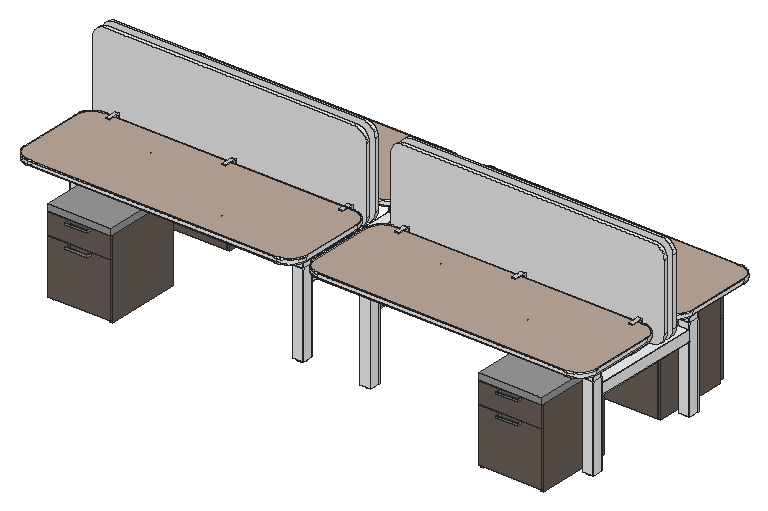
Revit family "T200098", category Furniture, Revit 2022 (continued)
Definition of nested family "OFS ELEMENT OPEN L DESK LEFT AND RIGHT 84in Width 60in Return"
  Forms (in)
    Extrusion 18, solid, material <- "Chassis Material", visible <- "Right Return Desk Option"
      sketch origin (0, 0, 0) x (-1, 0, 0) y (0, -1, 0)
        loop
          line (-42, 17.15625) -> (-20, 17.15625) -> (-20, 18.34375) -> (-40.8125, 18.34375) -> (-40.8125, 75.96875) -> (-20, 75.96875) -> (-20, 77.15625) -> (-42, 77.15625) -> (-42, 17.15625)
      from 0 to 40.5
    Extrusion 19, solid, material <- "Worksurface Material", visible <- "Right Return Desk Option"
      sketch origin (-14.83926, -32.43958, 0) x (-1, 0, 0) y (0, -1, 0)
        loop
          line (-55.65176, -14.09583) -> (-34.83926, -14.09583) -> (-34.83926, 43.52917) -> (-55.65176, 43.52917) -> (-55.65176, -14.09583)
      from 28.5 to 29.5
    Extrusion 20, solid, material <- "Paper Organizer Material", visible <- "Right Return Desk Option"
      sketch origin (0, 0, 0) x (-1, 0, 0) y (0, -1, 0)
        loop
          line (-28.0625, 19.09375) -> (-40.0625, 19.09375) -> (-40.0625, 75.21875) -> (-28.0625, 75.21875) -> (-28.0625, 75.96875) -> (-40.8125, 75.96875) -> (-40.8125, 18.34375) -> (-28.0625, 18.34375) -> (-28.0625, 19.09375)
      from 34.125 to 40.5
    Extrusion 21, solid, material <- "Paper Organizer Material", visible <- "Right Return Desk Option"
      sketch origin (0, 0, 0) x (-1, 0, 0) y (0, -1, 0)
        loop
          line (-40.8125, 18.34375) -> (-28.0625, 18.34375) -> (-28.0625, 75.96875) -> (-40.8125, 75.96875) -> (-40.8125, 18.34375)
      from 39.75 to 40.5
    Extrusion 22, solid, material <- "Paper Organizer Material", visible <- "Right Return Desk Option"
      sketch origin (0, 0, 0) x (-1, 0, 0) y (0, -1, 0)
        loop
          line (-40.8125, 18.34375) -> (-28.0625, 18.34375) -> (-28.0625, 75.96875) -> (-40.8125, 75.96875) -> (-40.8125, 18.34375)
      from 34.125 to 34.875
    Extrusion 23, solid, material <- "Paper Organizer Material", visible <- "Right Return Desk Option"
      sketch origin (0, 0, 0) x (-1, 0, 0) y (0, -1, 0)
        loop
          line (-40.0625, 32.625) -> (-28.8125, 32.625) -> (-28.8125, 32.875) -> (-40.0625, 32.875) -> (-40.0625, 32.625)
      from 34.875 to 39.75
    Extrusion 24, solid, material <- "Paper Organizer Material", visible <- "Right Return Desk Option"
      sketch origin (0, -11.40625, 0) x (-1, 0, 0) y (0, -1, 0)
        loop
          line (-40.0625, 35.625) -> (-28.8125, 35.625) -> (-28.8125, 35.875) -> (-40.0625, 35.875) -> (-40.0625, 35.625)
      from 34.875 to 39.75
    Extrusion 25, solid, material <- "Paper Organizer Material", visible <- "Right Return Desk Option"
      sketch origin (0, -22.8125, 0) x (-1, 0, 0) y (0, -1, 0)
        loop
          line (-40.0625, 38.625) -> (-28.8125, 38.625) -> (-28.8125, 38.875) -> (-40.0625, 38.875) -> (-40.0625, 38.625)
      from 34.875 to 39.75
    Extrusion 26, solid, material <- "Worksurface Material", visible <- "Right Return Desk Option"
      sketch origin (0, 0, 0) x (-1, 0, 0) y (0, -1, 0)
        loop
          line (-36, -11.65625) -> (40.8125, -11.65625) -> (40.8125, 17.15625) -> (-42, 17.15625) -> (-42, -5.65625)
          arc (-42, -5.65625) -> (-40.24264, -9.89889) -> (-36, -11.65625) r 6
      from 28.5 to 29.5
    Extrusion 27, solid, material <- "Chassis Material", visible <- "Right Return Desk Option"
      sketch origin (0, 0, 0) x (-1, 0, 0) y (0, -1, 0)
        loop
          line (42, -12.84375) -> (42, 17.15625) -> (40.8125, 17.15625) -> (40.8125, -11.65625) -> (0, -11.65625) -> (0, -12.84375) -> (42, -12.84375)
      from 0 to 40.5
    Extrusion 28, solid, material <- "Transaction Shelf Material", visible <- "Right Return Desk Option"
      sketch origin (0, 0, 6) x (-1, 0, 0) y (0, -1, 0)
        loop
          line (0, -17.15625) -> (42, -17.15625) -> (42, -3.65625) -> (0, -3.65625) -> (0, -17.15625)
      from 37.875 to 39
    Extrusion 29, solid, material <- "Standoffs Material", visible <- "Right Return Desk Option"
      sketch origin (-44.5, 0, 0) x (-1, 0, 0) y (0, -1, 0)
        loop
          circle (-41.875, -10.04085) r 0.625
      from 40.5 to 43.875
    Extrusion 30, solid, material <- "Standoffs Material", visible <- "Right Return Desk Option"
      sketch origin (-44.5, -4.75, 0) x (-1, 0, 0) y (0, -1, 0)
        loop
          circle (-41.875, -10.04085) r 0.625
      from 40.5 to 43.875
    Extrusion 31, solid, material <- "Standoffs Material", visible <- "Right Return Desk Option"
      sketch origin (-66.75, 0, 0) x (-1, 0, 0) y (0, -1, 0)
        loop
          circle (-27.375, -10.04085) r 0.625
      from 40.5 to 43.875
    Extrusion 32, solid, material <- "Standoffs Material", visible <- "Right Return Desk Option"
      sketch origin (-66.75, -4.75, 0) x (-1, 0, 0) y (0, -1, 0)
        loop
          circle (-27.375, -10.04085) r 0.625
      from 40.5 to 43.875
    Extrusion 33, solid, material <- "Chassis Material", visible <- "Right Return Desk Option"
      sketch origin (18.5848, -3.95032, 0) x (-1, 0, 0) y (0, -1, 0)
        loop
          line (19.7723, -15.60657) -> (19.7723, -3.95032) -> (18.5848, -3.95032) -> (18.5848, -15.60657) -> (19.7723, -15.60657)
      from 0 to 28.5
    Extrusion 34, solid, material <- "Chassis Material", visible <- "Right Return Desk Option"
      sketch origin (0, 0, 6) x (-1, 0, 0) y (0, -1, 0)
        loop
          line (0, -11.65625) -> (40.8125, -11.65625) -> (40.8125, -3.65625) -> (0, -3.65625) -> (0, -11.65625)
      from 33.375 to 34.5
    Extrusion 35, solid, material <- "Desk Overlay Material", visible <- "Right Desk Ovelay"
      sketch origin (0, 0, 0) x (-1, 0, 0) y (0, 0, -1)
        loop
          line (35.5, -34) -> (35.5, -6.5) -> (6.5, -6.5) -> (6.5, -34) -> (35.5, -34)
      from -12.96875 to -12.84375
    Extrusion 36, solid, material <- "Worksurface Material", visible <- "Left Return Desk Option"
      sketch origin (0, 0, 0) x (1, 0, 0) y (0, 1, 0)
        loop
          arc (-36, 11.65625) -> (-40.24264, 9.89889) -> (-42, 5.65625) r 6
          line (-42, 5.65625) -> (-42, -17.15625) -> (40.8125, -17.15625) -> (40.8125, 11.65625) -> (-36, 11.65625)
      from 28.5 to 29.5
  Cuts and joins
    joined: Extrusion 12, Extrusion 13, Extrusion 14
    joined: Extrusion 20, Extrusion 21, Extrusion 22
  Dimensions and locks (in)
    equal spacing: plane 7 "Left External", plane 3 "Center Left/Right", plane 5 "Right External"
    "Width": plane 7 "Left External" to plane 5 "Right External"
    equal spacing: plane 6 "Front External", plane 1 "Center Front/Back", plane 4 "Back External"
    "Desk Depth": plane 4 "Back External" to plane 6 "Front External"
    plane 8 "Seat Height" to level = 29 1/2"
    "Height": plane 9 "Height" to level
    "Lateral Board Thickness": plane 7 "Left External" to plane 11
    "Lateral Board Thickness": plane 10 to plane 5 "Right External"
    "Base Depth": plane 12 to plane 6 "Front External"
    "Back Board Thickness": plane 12 to plane 13
    "Table Depth": plane 4 "Back External" to plane 14
    plane 15 to level = 40 1/2"
    "Bottom Board Offset": plane 19 to level
    "Table Supp from Lateral": plane 5 "Right External" to plane 20
    "Table Supp from Lateral": plane 21 to plane 3 "Center Left/Right"
    "Desk Overlay": plane 5 "Right External" to plane 22
    "Desk Overlay": plane 24 to plane 15
    "Desk Overlay": plane 19 to plane 23
    "Desk Overlay Thickness": plane 25 to plane 12
    "Depth": plane 4 "Back External" to plane 26
    "Return Worksurface Width": plane 7 "Left External" to plane 27
    "Return Worksurface Width": plane 28 to plane 5 "Right External"
    "Back Board Thickness": plane 29 to plane 26
    plane 7 "Left External" to plane 30 = 5"
    plane 31 to plane 5 "Right External" = 5"
    equal spacing: plane 34, plane 43, plane 32, plane 42, plane 29
    "Desk Overlay": plane 33 to plane 3 "Center Left/Right"
    "Back Board Thickness": plane 6 "Front External" to plane 34
    "Paper Organizer Board Thickness": plane 34 to plane 37
    "Paper Organizer Board Thickness": plane 11 to plane 36
    "Paper Organizer Board Thickness": plane 35 to plane 29
    "Paper Organizer Depth": plane 11 to plane 38
    "Paper Organizer Clearance": plane 39 to plane 8 "Seat Height"
    "Paper Organizer Board Thickness": plane 15 to plane 40
    "Paper Organizer Board Thickness": plane 41 to plane 39
    "Paper Organizer Board Thickness": plane 44 to plane 38
    "Return Worksurface Width": plane 5 "Right External" to plane 45
    plane 29 to plane 26 = 1 3/16"
    plane 5 "Right External" to plane 46 = 5"
    plane 34 to plane 50 to plane 32 to plane 49 to plane 29 = 14 13/32", 14 13/32", 14 13/32", 14 13/32"
    "Paper Organizer Board Thickness": plane 34 to plane 47
    plane 35 to plane 29 = 3/4"
    "Paper Organizer Depth": plane 10 to plane 48
    "Paper Organizer Board Thickness": plane 51 to plane 48
    "Table Supp from Lateral": plane 53 to plane 3 "Center Left/Right"
    "Table Supp from Lateral": plane 7 "Left External" to plane 52
    locked: plane 7 "Left External" to plane 54 at 6.5
    aligned and locked: level to plane 2
    aligned and locked: Extrusion 1 sketch curve to plane 12
    aligned and locked: plane 5 "Right External" to Extrusion 1 sketch curve
    aligned and locked: Extrusion 1 sketch curve to plane 13
    aligned and locked: Extrusion 1 to plane 19
    aligned and locked: Extrusion 2 to plane 18
    aligned and locked: plane 10 to Extrusion 2
    aligned and locked: Extrusion 2 to plane 13
    aligned and locked: Extrusion 2 to plane 14
    aligned and locked: Extrusion 3 to plane 14
    aligned and locked: Extrusion 3 to plane 4 "Back External"
    aligned and locked: Extrusion 3 to plane 9 "Height"
    aligned and locked: Extrusion 3 to plane 17
    aligned and locked: plane 5 "Right External" to Extrusion 3
    aligned and locked: Extrusion 8 sketch curve to plane 29
    aligned and locked: plane 27 to Extrusion 8 sketch curve
    aligned and locked: plane 26 to Extrusion 8 sketch curve
    aligned and locked: Extrusion 8 sketch curve to plane 6 "Front External"
    aligned and locked: plane 11 to Extrusion 9
    aligned and locked: Extrusion 9 to plane 27
    aligned and locked: Extrusion 9 to plane 29
    aligned and locked: Extrusion 8 to plane 19
    aligned and locked: plane 15 to Extrusion 8
    aligned and locked: Extrusion 3 to plane 3 "Center Left/Right"
    aligned and locked: Extrusion 2 to plane 3 "Center Left/Right"
    aligned and locked: Extrusion 10 to plane 33
    aligned and locked: Extrusion 10 to plane 22
    aligned and locked: Extrusion 8 sketch curve to plane 34
    aligned and locked: Extrusion 9 to Extrusion 8 sketch curve
    aligned and locked: Extrusion 9 to Extrusion 8
    aligned and locked: plane 37 to Extrusion 12 sketch curve
    aligned and locked: plane 36 to Extrusion 12 sketch curve
    aligned and locked: Extrusion 12 sketch curve to plane 35
    aligned and locked: Extrusion 12 sketch curve to Extrusion 8  (x3)
    aligned and locked: plane 38 to Extrusion 12 sketch curve  (x2)
    aligned and locked: plane 15 to Extrusion 12
    aligned and locked: Extrusion 12 to plane 39
    aligned and locked: Extrusion 13 sketch curve to Extrusion 8  (x2)
    aligned and locked: Extrusion 13 sketch curve to Extrusion 12  (x2)
    aligned and locked: Extrusion 13 to plane 40
    aligned and locked: plane 15 to Extrusion 13
    aligned and locked: Extrusion 14 sketch curve to Extrusion 8  (x2)
    aligned and locked: plane 29 to Extrusion 14 sketch curve
    aligned and locked: Extrusion 14 sketch curve to plane 38
    aligned and locked: Extrusion 14 to plane 39
    aligned and locked: plane 41 to Extrusion 14
    aligned and locked: Extrusion 15 to plane 41
    aligned and locked: Extrusion 16 to plane 41
    aligned and locked: Extrusion 17 to plane 41
    aligned and locked: plane 40 to Extrusion 15
    aligned and locked: plane 40 to Extrusion 16
    aligned and locked: plane 40 to Extrusion 17
    aligned and locked: plane 29 to Extrusion 18 sketch curve
    aligned and locked: plane 45 to Extrusion 18 sketch curve
    aligned and locked: Extrusion 18 sketch curve to plane 26
    aligned and locked: plane 45 to Extrusion 19
    aligned and locked: plane 29 to Extrusion 19
    aligned and locked: Extrusion 18 sketch curve to plane 34
    aligned and locked: Extrusion 19 to Extrusion 18 sketch curve
    aligned and locked: Extrusion 18 to Extrusion 19
    aligned and locked: Extrusion 20 sketch curve to plane 47
    aligned and locked: plane 35 to Extrusion 20 sketch curve
    aligned and locked: Extrusion 18 to Extrusion 20 sketch curve
    aligned and locked: Extrusion 20 sketch curve to Extrusion 18  (x2)
    aligned and locked: Extrusion 20 sketch curve to plane 48
    aligned and locked: plane 48 to Extrusion 20 sketch curve
    aligned and locked: Extrusion 21 sketch curve to Extrusion 18  (x2)
    aligned and locked: Extrusion 21 sketch curve to Extrusion 20  (x2)
    aligned and locked: Extrusion 22 sketch curve to Extrusion 18  (x2)
    aligned and locked: Extrusion 22 sketch curve to plane 29
    aligned and locked: plane 48 to Extrusion 22 sketch curve
    aligned and locked: Extrusion 26 to Extrusion 27 sketch curve
    aligned and locked: Extrusion 27 sketch curve to Extrusion 26
    aligned and locked: Extrusion 26 to Extrusion 33
    aligned and locked: plane 55 to Extrusion 35
    aligned and locked: plane 54 to Extrusion 35
  Automatic sketch dimensions
    Extrusion 1 sketch curve to plane 3 "Center Left/Right" = 0"
    plane 6 "Front External" to Extrusion 1 sketch curve = 0"
    Extrusion 1 sketch curve to plane 10 = 0"
    Extrusion 2 sketch curve to plane 3 "Center Left/Right" = 0"
    Extrusion 2 sketch curve to plane 10 = 0"
    Extrusion 2 sketch curve to plane 14 = 0"
    Extrusion 2 sketch curve to plane 13 = 0"
    Extrusion 3 sketch curve to plane 3 "Center Left/Right" = 0"
    Extrusion 3 sketch curve to plane 5 "Right External" = 0"
    Extrusion 3 sketch curve to plane 14 = 0"
    Extrusion 3 sketch curve to plane 4 "Back External" = 0"
    Extrusion 4 sketch curve to plane 21 = 0"
    Extrusion 4 sketch curve to plane 13 = 1.6154"
    Extrusion 5 sketch curve to plane 21 = 0"
    plane 14 to Extrusion 5 sketch curve = 1.6346"
    Extrusion 6 sketch curve to plane 20 = 0"
    Extrusion 6 sketch curve to plane 13 = 1.6154"
    Extrusion 7 sketch curve to plane 20 = 0"
    plane 14 to Extrusion 7 sketch curve = 1.6346"
    Extrusion 8 sketch curve to plane 7 "Left External" = 0"
    Extrusion 8 sketch curve to plane 11 = 0"
    Extrusion 9 sketch curve to plane 11 = 0"
    Extrusion 9 sketch curve to plane 27 = 0"
    Extrusion 9 sketch curve to plane 29 = 0"
    Extrusion 9 sketch curve to plane 34 = 0"
    Extrusion 10 sketch curve to plane 24 = 0"
    Extrusion 10 sketch curve to plane 33 = 0"
    plane 22 to Extrusion 10 sketch curve = 0"
    Extrusion 10 sketch curve to plane 23 = 0"
    Extrusion 11 sketch curve to plane 3 "Center Left/Right" = 0"
    plane 1 "Center Front/Back" to Extrusion 11 sketch curve = 0"
    Extrusion 11 sketch curve to plane 13 = 0"
    Extrusion 11 sketch curve to Extrusion 11 sketch curve = 1 3/16"
    Extrusion 12 sketch curve to plane 37 = 0"
    Extrusion 15 sketch curve to plane 36 = 0"
    Extrusion 15 sketch curve to plane 44 = 0"
    Extrusion 15 sketch curve to plane 43 = 1/8"
    plane 43 to Extrusion 15 sketch curve = 1/8"
    Extrusion 16 sketch curve to plane 36 = 0"
    Extrusion 16 sketch curve to plane 44 = 0"
    Extrusion 16 sketch curve to plane 32 = 1/8"
    plane 32 to Extrusion 16 sketch curve = 1/8"
    Extrusion 17 sketch curve to plane 36 = 0"
    Extrusion 17 sketch curve to plane 44 = 0"
    Extrusion 17 sketch curve to plane 42 = 1/8"
    plane 42 to Extrusion 17 sketch curve = 1/8"
    Extrusion 18 sketch curve to plane 5 "Right External" = 0"
    Extrusion 18 sketch curve to plane 10 = 0"
    Extrusion 18 sketch curve to plane 6 "Front External" = 0"
    Extrusion 19 sketch curve to plane 10 = 0"
    Extrusion 19 sketch curve to plane 28 = 0"
    Extrusion 19 sketch curve to plane 29 = 0"
    plane 34 to Extrusion 19 sketch curve = 0"
    plane 37 to Extrusion 20 sketch curve = 0"
    plane 20 to Extrusion 20 sketch curve = 11/16"
    Extrusion 23 sketch curve to plane 51 = 0"
    plane 43 to Extrusion 23 sketch curve = 1/8"
    Extrusion 23 sketch curve to plane 43 = 1/8"
    plane 20 to Extrusion 23 sketch curve = 11/16"
    Extrusion 24 sketch curve to plane 51 = 0"
    plane 32 to Extrusion 24 sketch curve = 1/8"
    Extrusion 24 sketch curve to plane 32 = 1/8"
    plane 20 to Extrusion 24 sketch curve = 11/16"
    Extrusion 25 sketch curve to plane 51 = 0"
    plane 42 to Extrusion 25 sketch curve = 1/8"
    Extrusion 25 sketch curve to plane 42 = 1/8"
    plane 20 to Extrusion 25 sketch curve = 11/16"
    Extrusion 26 sketch curve to plane 5 "Right External" = 0"
    Extrusion 26 sketch curve to plane 13 = 0"
    Extrusion 26 sketch curve to plane 11 = 0"
    Extrusion 26 sketch curve to plane 6 "Front External" = 0"
    plane 22 to Extrusion 26 sketch curve = 1/2"
    Extrusion 27 sketch curve to plane 3 "Center Left/Right" = 0"
    Extrusion 27 sketch curve to plane 7 "Left External" = 0"
    Extrusion 27 sketch curve to plane 13 = 0"
    Extrusion 27 sketch curve to plane 12 = 0"
    Extrusion 28 sketch curve to plane 3 "Center Left/Right" = 0"
    Extrusion 28 sketch curve to plane 7 "Left External" = 0"
    Extrusion 28 sketch curve to plane 4 "Back External" = 0"
    Extrusion 28 sketch curve to plane 14 = 0"
    Extrusion 29 sketch curve to plane 53 = 0"
    plane 13 to Extrusion 29 sketch curve = 1.6154"
    Extrusion 30 sketch curve to plane 53 = 0"
    Extrusion 30 sketch curve to plane 14 = 1.6346"
    Extrusion 31 sketch curve to plane 52 = 0"
    plane 13 to Extrusion 31 sketch curve = 1.6154"
    Extrusion 32 sketch curve to plane 52 = 0"
    Extrusion 32 sketch curve to plane 14 = 1.6346"
    Extrusion 33 sketch curve to plane 3 "Center Left/Right" = 0"
    plane 1 "Center Front/Back" to Extrusion 33 sketch curve = 0"
    Extrusion 33 sketch curve to plane 13 = 0"
    Extrusion 33 sketch curve to Extrusion 33 sketch curve = 1 3/16"
    Extrusion 34 sketch curve to plane 3 "Center Left/Right" = 0"
    Extrusion 34 sketch curve to plane 11 = 0"
    Extrusion 34 sketch curve to plane 13 = 0"
    Extrusion 34 sketch curve to plane 14 = 0"
    Extrusion 35 sketch curve to plane 24 = 0"
    plane 55 to Extrusion 35 sketch curve = 0"
    Extrusion 35 sketch curve to plane 23 = 0"
    plane 54 to Extrusion 35 sketch curve = 0"
    Extrusion 36 sketch curve to plane 7 "Left External" = 0"
    Extrusion 36 sketch curve to plane 13 = 0"
    Extrusion 36 sketch curve to plane 10 = 0"
    plane 6 "Front External" to Extrusion 36 sketch curve = 0"
    Extrusion 36 sketch curve to plane 54 = 1/2"
    radius of Extrusion 4 sketch curve = 5/8"
    radius of Extrusion 5 sketch curve = 5/8"
    radius of Extrusion 6 sketch curve = 5/8"
    radius of Extrusion 7 sketch curve = 5/8"
    radius of Extrusion 29 sketch curve = 5/8"
    radius of Extrusion 30 sketch curve = 5/8"
    radius of Extrusion 31 sketch curve = 5/8"
    radius of Extrusion 32 sketch curve = 5/8"
Types (3): name | Description
  (no name) | "OFS TYPICAL T200098"
  T200 | "OFS TYPICAL T200"
  T200098 | "OFS TYPICAL T200098"
